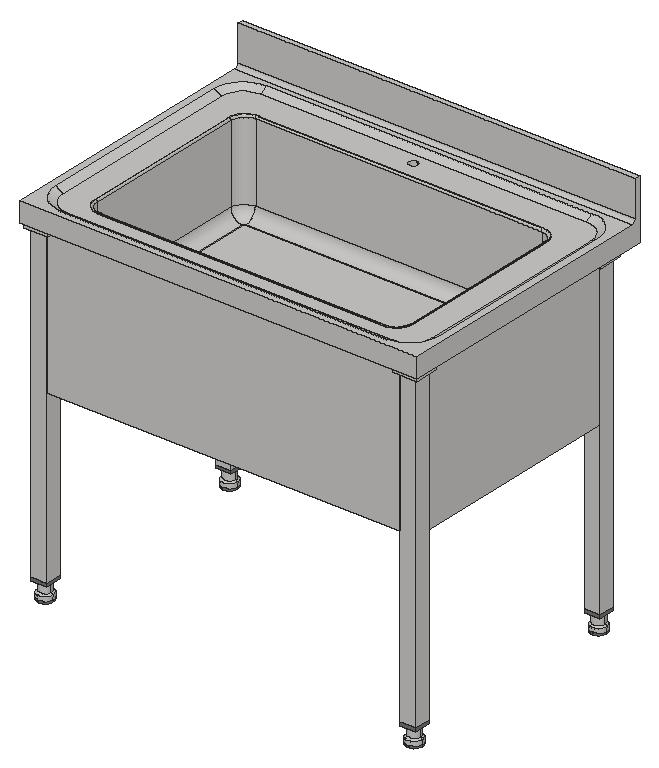
Revit family "QF_ELECTROLUXPROFESSIONAL_132908_SLP10N", category Attrezzature speciali, Revit 2020
Family settings
  Quota connettore circolare = Usa diametro
  Tipo di parte = Normale
  Basato su piano di lavoro = No
  Sempre verticale = Sì
  Taglio con vuoti quando caricato = No
  Condiviso = No
  Punto di calcolo locali = No
Parameters (values of type "Standard")
  Weight = 50.00 kg
  Watts = 0 W
  Volts = 0 V
  URL Manufacturer = "https://www.electroluxprofessional.com/"
  URL = "https://www.electroluxprofessional.com/"
  Steam Supply Size = 0 mm
  Steam Supply Minimum Pressure = 0.0 Pa
  Steam Supply Maximum Pressure = 0.0 Pa
  Steam Consumption per Hour = 0
  Refrigeration Suction Line Size = 0.0 mm
  Refrigeration Liquid Line Size = 0.0 mm
  Refrigerant Compressor Remote = yes
  Prospetto di default = 0.0 mm
  Phase = 0
  Modello = "SLP10N"
  Produttore = "Electrolux Professional"
  Length Actual = 1000.0 mm  # constant formula
  Item Number = "132908"
  Hot Water Size = 0 mm
  Height Actual = 900.0 mm  # constant formula
  HP = "0 HP"
  Gas Size = 0 mm
  Gas KW = 0
  Gas Input Pressure = 0 W
  Direct Waste Size = 139.7 mm
  Descrizione = "SOAKING SINK UNIT WITH 1 BOWL (800X510X340MM), 1000MM"
  Depth Actual = 700.0 mm  # constant formula
  Cycle = 0 Hz
  Condensate Return Size = 0 mm
  Compressed Air Volume = 0.0 L/s
  Compressed Air Size = 0 mm
  Compressed Air Pressure = 0.0 Pa
  Cold Water Size = 0 mm
  Accessory = yes
Reference planes
  plane 1 "Center (Front/Back)": y = 0
  plane 2: z = 0
  plane 3 "Center (Left/Right)": x = 300
  plane 4 "LEFT": x = -200
  plane 5 "RIGHT": x = 800
  plane 6 "BACK": y = 350
  plane 7 "FRONT": y = -350
  plane 8 "Base": z = 850
  plane 9 "TOP": z = 900
  plane 10 "Sink_Base": z = 658
  plane 11 "ScaricoX": x = 620
  plane 12: z = 441
  plane 13: y = 245
  plane 14 "PlaneGrid": z = 890
  plane 15 "ScaricoY": y = 141
Forms (mm)
  Extrusion 1, solid, material "QF_Finishes_Stainless Steel"
    sketch origin (300, 0, 0) x (0, 1, 0) y (0, 0, 1)
      loop
        line (-350, 850) -> (350, 850) -> (350, 1000) -> (337, 1000) -> (337, 910)
        arc (337, 910) -> (334.071, 902.929) -> (327, 900) r 10
        line (327, 900) -> (-350, 900) -> (-350, 850)
    from 500 to -500
  Extrusion 2, void
    sketch origin (0, 9, 658) x (0, -1, 0) y (1, 0, 0)
      loop
        circle (-132, 620) r 28
    from 32.343 to -63.145
  Revolve 3, solid, material "QF_Finishes_White"
    sketch origin (620, 9, 0) x (0, -1, 0) y (0, 0, 1)
      loop
        line (-148.5, 642.617) -> (-148.5, 628.5) -> (-147, 628.5) -> (-147, 643.449) -> (-158.558, 650.671) -> (-158.558, 658) -> (-160.058, 658) -> (-160.058, 649.84) -> (-148.5, 642.617)
      axis (-132, 658) -> (-132, 628.5)
    angle from 0 to 360
  Extrusion 4, void
    sketch origin (-6.5, 18.8, 658) x (0, -1, 0) y (1, 0, 0)
      loop
        circle (-245, 306.5) r 11.5
    from 242 to 170.245
  Extrusion 5, void
    sketch origin (-5, 0, 900) x (0, 1, 0) y (-1, 0, 0)
      loop
        arc (180.949, -705) -> (209.233, -693.284) -> (220.949, -665) r 40
        line (220.949, -665) -> (220.949, 55)
        arc (220.949, 55) -> (209.233, 83.284) -> (180.949, 95) r 40
        line (180.949, 95) -> (-239.051, 95)
        arc (-239.051, 95) -> (-267.335, 83.284) -> (-279.051, 55) r 40
        line (-279.051, 55) -> (-279.051, -665)
        arc (-279.051, -665) -> (-267.335, -693.284) -> (-239.051, -705) r 40
        line (-239.051, -705) -> (180.949, -705)
    from 0 to -50
  Extrusion 6, solid, material "QF_Finishes_Stainless Steel"
    sketch origin (-5, 0, 658) x (0, -1, 0) y (1, 0, 0)
      loop
        line (-185.949, 664.939) -> (-185.949, -54.959)
        arc (-185.949, -54.959) -> (-184.484, -58.494) -> (-180.949, -59.959) r 5
        line (-180.949, -59.959) -> (238.949, -59.959)
        arc (238.949, -59.959) -> (242.484, -58.494) -> (243.949, -54.959) r 5
        line (243.949, -54.959) -> (243.949, 664.939)
        arc (243.949, 664.939) -> (242.484, 668.474) -> (238.949, 669.939) r 5
        line (238.949, 669.939) -> (-180.949, 669.939)
        arc (-180.949, 669.939) -> (-184.484, 668.474) -> (-185.949, 664.939) r 5
    from 0 to 1.5
  Sweep 7, solid, material "QF_Finishes_Stainless Steel"
    path origin (-4.99, 0, 900) x (0, 1, 0) y (-1, 0, 0)
      loop
        line (220.949, -664.99) -> (220.949, 55.01)
        arc (220.949, 55.01) -> (209.233, 83.294) -> (180.949, 95.01) r 40
        line (180.949, 95.01) -> (-239.051, 95.01)
        arc (-239.051, 95.01) -> (-267.335, 83.294) -> (-279.051, 55.01) r 40
        line (-279.051, 55.01) -> (-279.051, -664.99)
        arc (-279.051, -664.99) -> (-267.335, -693.274) -> (-239.051, -704.99) r 40
        line (-239.051, -704.99) -> (180.949, -704.99)
        arc (180.949, -704.99) -> (209.233, -693.274) -> (220.949, -664.99) r 40
    profile origin (300, 220.949, 900) x (0, -1, 0) y (0, 0, 1)
      loop
        arc (5, -15) -> (3.536, -11.464) -> (0, -10) r 5
        line (0, -10) -> (0, -11.5)
        arc (0, -11.5) -> (2.475, -12.525) -> (3.5, -15) r 3.5
        line (3.5, -15) -> (3.5, -210.5)
        arc (3.5, -210.5) -> (12.726, -232.774) -> (35, -242) r 31.5
        line (35, -242) -> (35, -240.5)
        arc (35, -240.5) -> (13.787, -231.713) -> (5, -210.5) r 30
        line (5, -210.5) -> (5, -15)
  Blend 8, void
    base sketch origin (-4.99, 0, 900) x (0, 1, 0) y (-1, 0, 0)
      loop
        arc (312.89, 105.01) -> (291.541, 156.551) -> (240, 177.9) r 72.89
        line (240, 177.9) -> (-260, 177.9)
        arc (-260, 177.9) -> (-311.541, 156.551) -> (-332.89, 105.01) r 72.89
        line (-332.89, 105.01) -> (-332.89, -714.99)
        arc (-332.89, -714.99) -> (-311.541, -766.531) -> (-260, -787.88) r 72.89
        line (-260, -787.88) -> (240, -787.88)
        arc (240, -787.88) -> (291.541, -766.531) -> (312.89, -714.99) r 72.89
        line (312.89, -714.99) -> (312.89, 105.01)
    top sketch origin (-4.99, 0, 900) x (0, 1, 0) y (-1, 0, 0)
      loop
        arc (294.457, 105.01) -> (278.507, 143.517) -> (240, 159.467) r 54.457
        line (240, 159.467) -> (-260, 159.467)
        arc (-260, 159.467) -> (-298.507, 143.517) -> (-314.457, 105.01) r 54.457
        line (-314.457, 105.01) -> (-314.457, -714.99)
        arc (-314.457, -714.99) -> (-298.507, -753.497) -> (-260, -769.447) r 54.457
        line (-260, -769.447) -> (240, -769.447)
        arc (240, -769.447) -> (278.507, -753.497) -> (294.457, -714.99) r 54.457
        line (294.457, -714.99) -> (294.457, 105.01)
    from 0 to -10
Cuts and joins
  Extrusion 4, Extrusion 5, Blend 8 cuts Extrusion 1
  Extrusion 2 cuts Extrusion 6
Lines and regions (mm)
  symbolic lines
    curve 1: line (800, 350, 900) -> (-200, 350, 900)
    curve 2: line (-200, 350, 900) -> (-200, -350, 900)
    curve 3: line (-200, -350, 900) -> (800, -350, 900)
    curve 4: line (800, -350, 900) -> (800, 350, 900)
    curve 5: line (800, 337, 900) -> (-200, 337, 900)
    curve 6: arc (-182.89, 240, 900) -> (-161.541, 291.541, 900) -> (-110, 312.89, 900) r 72.89
    curve 7: line (-110, 312.89, 900) -> (710, 312.89, 900)
    curve 8: line (-182.89, -260, 900) -> (-182.89, 240, 900)
    curve 9: arc (-110, -332.89, 900) -> (-161.541, -311.541, 900) -> (-182.89, -260, 900) r 72.89
    curve 10: line (710, -332.89, 900) -> (-110, -332.89, 900)
    curve 11: line (-110, -314.457, 900) -> (710, -314.457, 900)
    curve 12: arc (-164.457, -260, 900) -> (-148.507, -298.507, 900) -> (-110, -314.457, 900) r 54.457
    curve 13: line (-164.457, 240, 900) -> (-164.457, -260, 900)
    curve 14: arc (-110, 294.457, 900) -> (-148.507, 278.507, 900) -> (-164.457, 240, 900) r 54.457
    curve 15: line (710, 294.457, 900) -> (-110, 294.457, 900)
    curve 16: arc (764.457, 240, 900) -> (748.507, 278.507, 900) -> (710, 294.457, 900) r 54.457
    curve 17: arc (710, 312.89, 900) -> (761.541, 291.541, 900) -> (782.89, 240, 900) r 72.89
    curve 18: line (782.89, 240, 900) -> (782.89, -260, 900)
    curve 19: line (764.457, -260, 900) -> (764.457, 240, 900)
    curve 20: arc (782.89, -260, 900) -> (761.541, -311.541, 900) -> (710, -332.89, 900) r 72.89
    curve 21: arc (710, -314.457, 900) -> (748.507, -298.507, 900) -> (764.457, -260, 900) r 54.457
    curve 22: line (-64.959, 180.949, 900) -> (-64.959, -238.949, 900)
    curve 23: line (659.939, 185.949, 900) -> (-59.959, 185.949, 900)
    curve 24: line (-59.959, -243.949, 900) -> (659.939, -243.949, 900)
    curve 25: line (664.939, -238.949, 900) -> (664.939, 180.949, 900)
    curve 26: arc (-59.959, 185.949, 900) -> (-63.494, 184.484, 900) -> (-64.959, 180.949, 900) r 5
    curve 27: arc (664.939, 180.949, 900) -> (663.474, 184.484, 900) -> (659.939, 185.949, 900) r 5
    curve 28: arc (659.939, -243.949, 900) -> (663.474, -242.484, 900) -> (664.939, -238.949, 900) r 5
    curve 29: arc (-64.959, -238.949, 900) -> (-63.494, -242.484, 900) -> (-59.959, -243.949, 900) r 5
    curve 30: circle (300, 263.8, 900) r 11.5 normal (0, 0, 1)
    curve 31: circle (620, 141, 900) r 28 normal (0, 0, 1)
    curve 32: circle (620, 141, 900) r 16.5 normal (0, 0, -1)
    curve 33: arc (-60, 220.949, 900) -> (-88.284, 209.233, 900) -> (-100, 180.949, 900) r 40
    curve 34: line (660, 220.949, 900) -> (-60, 220.949, 900)
    curve 35: line (-100, 180.949, 900) -> (-100, -239.051, 900)
    curve 36: arc (-100, -239.051, 900) -> (-88.284, -267.335, 900) -> (-60, -279.051, 900) r 40
    curve 37: line (-60, -279.051, 900) -> (660, -279.051, 900)
    curve 38: arc (660, -279.051, 900) -> (688.284, -267.335, 900) -> (700, -239.051, 900) r 40
    curve 39: line (700, -239.051, 900) -> (700, 180.949, 900)
    curve 40: arc (700, 180.949, 900) -> (688.284, 209.233, 900) -> (660, 220.949, 900) r 40
Dimensions and locks
  plane 4 "LEFT" to plane 5 "RIGHT" = 1000.0 mm
  equal spacing: plane 4 "LEFT", plane 3 "Center (Left/Right)", plane 5 "RIGHT"
  locked: plane 8 "Base" to level at 850
  locked: Extrusion 1 to level at 1000
  plane 9 "TOP" to level = 900.0 mm
  plane 6 "BACK" to plane 7 "FRONT" = 700.0 mm
  equal spacing: plane 6 "BACK", plane 1 "Center (Front/Back)", plane 7 "FRONT"
  plane 10 "Sink_Base" to level = 658.0 mm
  plane 12 to level = 441.0 mm
  locked: plane 11 "ScaricoX" to plane 5 "RIGHT" at 180
  locked: plane 6 "BACK" to plane 15 "ScaricoY" at 209
  aligned and locked: level to plane 2
  aligned and locked: Extrusion 1 to plane 4 "LEFT"
  aligned and locked: plane 5 "RIGHT" to Extrusion 1
  aligned and locked: curve 2 to plane 4 "LEFT"
Automatic sketch dimensions
  Extrusion 1 sketch curve to plane 7 "FRONT" = 0.0 mm
  Extrusion 1 sketch curve to plane 9 "TOP" = 0.0 mm
  Extrusion 1 sketch curve to plane 6 "BACK" = 0.0 mm
  Extrusion 1 sketch curve to plane 8 "Base" = 0.0 mm
  plane 9 "TOP" to Extrusion 1 sketch curve = 10.0 mm
  Extrusion 1 sketch curve to plane 6 "BACK" = 23.0 mm
  Extrusion 1 sketch curve to Extrusion 1 sketch curve = 90.0 mm
  Extrusion 2 sketch curve to plane 11 "ScaricoX" = 0.0 mm
  Extrusion 2 sketch curve to plane 15 "ScaricoY" = 0.0 mm
  plane 10 "Sink_Base" to Revolve 3 sketch curve = 0.0 mm
  Revolve 3 sketch curve to plane 15 "ScaricoY" = 0.0 mm
  plane 15 "ScaricoY" to Revolve 3 sketch curve = 15.0 mm
  Revolve 3 sketch curve to Revolve 3 sketch curve = 1.5 mm  (x2)
  plane 10 "Sink_Base" to Revolve 3 sketch curve = 7.329 mm
  Revolve 3 sketch curve to Revolve 3 sketch curve = 10.058 mm
  Revolve 3 sketch curve to Revolve 3 sketch curve = 0.831 mm  (x2)
  Revolve 3 sketch curve to Revolve 3 sketch curve = 7.222 mm
  Revolve 3 sketch curve to Revolve 3 sketch curve = 14.117 mm
  Revolve 3 sketch curve to Revolve 3 sketch curve = 24.0 mm
  Revolve 3 sketch curve to plane 10 "Sink_Base" = 26.5 mm
  Extrusion 4 sketch curve to plane 3 "Center (Left/Right)" = 0.0 mm
  plane 13 to Extrusion 4 sketch curve = 18.8 mm
  Sweep 7 sketch curve to Sweep 7 sketch curve = 0.0 mm  (x4)
  Sweep 7 sketch curve to profile plane = 0.0 mm
  Sweep 7 sketch curve to profile plane = 3.5 mm
  Sweep 7 sketch curve to Sweep 7 sketch curve = 1.5 mm
  Sweep 7 sketch curve to Sweep 7 sketch curve = 30.0 mm
  Sweep 7 sketch curve to profile plane = 242.0 mm
  Sweep 7 sketch curve to profile plane = 15.0 mm
  plane 15 "ScaricoY" to Extrusion 6 sketch curve = 44.949 mm
  Extrusion 6 sketch curve to Extrusion 6 sketch curve = 5.0 mm  (x4)
  plane 7 "FRONT" to Extrusion 6 sketch curve = 111.051 mm
  plane 4 "LEFT" to Extrusion 6 sketch curve = 135.041 mm
  Extrusion 6 sketch curve to plane 5 "RIGHT" = 140.061 mm
  Blend 8 sketch curve to plane 13 = 5.0 mm  (x4)
  Blend 8 sketch curve to plane 6 "BACK" = 37.11 mm
  plane 4 "LEFT" to Blend 8 sketch curve = 90.0 mm  (x2)
  plane 7 "FRONT" to Blend 8 sketch curve = 90.0 mm  (x2)
  Blend 8 sketch curve to Blend 8 sketch curve = 72.89 mm  (x2)
  Blend 8 sketch curve to plane 5 "RIGHT" = 90.0 mm  (x2)
  plane 13 to Blend 8 sketch curve = 49.457 mm
  Blend 8 sketch curve to Blend 8 sketch curve = 54.457 mm  (x2)
  curve 6 to curve 14 = 0.0 mm  (x2)
  curve 9 to curve 12 = 0.0 mm  (x2)
  curve 16 to curve 17 = 0.0 mm  (x2)
  curve 20 to curve 21 = 0.0 mm
  curve 3 to plane 5 "RIGHT" = 0.0 mm
  curve 3 to plane 7 "FRONT" = 0.0 mm
  curve 30 to plane 3 "Center (Left/Right)" = 0.0 mm
  curve 2 to plane 6 "BACK" = 0.0 mm
  plane 7 "FRONT" to curve 10 = 17.11 mm
  curve 10 to curve 11 = 18.433 mm
  plane 4 "LEFT" to curve 13 = 35.543 mm
  curve 12 to curve 13 = 54.457 mm
  curve 18 to plane 5 "RIGHT" = 17.11 mm
  curve 24 to curve 22 = 5.0 mm
  curve 27 to curve 23 = 5.0 mm
  curve 17 to plane 13 = 5.0 mm
  curve 14 to plane 13 = 5.0 mm
  plane 13 to curve 30 = 18.8 mm
  plane 13 to curve 15 = 49.457 mm
  curve 5 to plane 6 "BACK" = 13.0 mm
  plane 7 "FRONT" to Sweep 7 sketch curve = 110.949 mm
  Sweep 7 sketch curve to Sweep 7 sketch curve = 40.0 mm
  plane 15 "ScaricoY" to Sweep 7 sketch curve = 39.949 mm  (x2)
  Sweep 7 sketch curve to plane 13 = 24.051 mm
  Sweep 7 sketch curve to plane 11 "ScaricoX" = 40.0 mm  (x2)
  plane 4 "LEFT" to Sweep 7 sketch curve = 140.0 mm
  plane 7 "FRONT" to Extrusion 5 sketch curve = 70.949 mm
  Extrusion 5 sketch curve to Extrusion 5 sketch curve = 40.0 mm  (x2)
  plane 15 "ScaricoY" to Extrusion 5 sketch curve = 39.949 mm  (x2)
  Extrusion 5 sketch curve to plane 13 = 24.051 mm
  Extrusion 5 sketch curve to plane 11 "ScaricoX" = 40.0 mm
  plane 4 "LEFT" to Extrusion 5 sketch curve = 140.0 mm
  curve 31 to curve 32 = 0.0 mm  (x2)
  curve 32 to plane 11 "ScaricoX" = 0.0 mm
  curve 32 to plane 15 "ScaricoY" = 0.0 mm
  curve 26 to curve 26 = 5.0 mm
  curve 24 to curve 25 = 5.0 mm
  plane 15 "ScaricoY" to curve 27 = 39.949 mm
  curve 25 to plane 11 "ScaricoX" = 44.939 mm
  curve 20 to curve 24 = 16.051 mm
  curve 26 to curve 6 = 50.041 mm
  curve 33 to curve 26 = 0.0 mm
  curve 34 to plane 13 = 24.051 mm
  curve 23 to curve 34 = 0.041 mm
  curve 34 to curve 23 = 0.061 mm
  curve 9 to curve 35 = 20.949 mm
  curve 29 to curve 36 = 0.041 mm
  curve 37 to curve 28 = 0.061 mm
  curve 38 to curve 28 = 0.102 mm
  curve 25 to curve 39 = 0.0 mm
  radius of Extrusion 2 sketch curve = 28.0 mm
  radius of Extrusion 4 sketch curve = 11.5 mm
  radius of curve 30 = 11.5 mm
  radius of curve 31 = 28.0 mm
  radius of curve 32 = 16.5 mm
Nested families
  nested 1: "TAV_W1000_CASSH" at (150, 0, 0), type "TAV_W1000_CASSH"
Connectors
  piping at (620, 141, 628.5), diameter 30
    settings: on Revolve 3, index 1, connector inside diameter 609.6 mm, connector length 0.0 mm, flow factor 0, pipe flow 0.0 L/s, pressure drop 0.0 Pa, fitting loss kfactor 0, connector angle 0.00°, fixture units 0, engagement length 0.0 mm, angle of deflection 0.00°, flow configuration 1, flow direction 2, fitting loss method 0, system type 16, joint type 0, gender type 0, connector reference index -1, connector utility 0, adjustable connector no, is connector primary yes, connector description "Drain 2"
Definition of nested family "TAV_W1000_CASSH"
  Parameters
    Default Elevation = 0.0 mm
    Model = "TAV_W1000_CASSH"
    Manufacturer = "Electrolux Professional"
    Description = ""
  Reference planes
    plane 1 "Center (Front/Back)": y = 0
    plane 2: z = 0
    plane 3 "Center (Left/Right)": x = 150
    plane 4 "LEFT": x = -350
    plane 5 "RIGHT": x = 650
    plane 6 "BACK": y = 350
    plane 7 "FRONT": y = -350
    plane 8 "Base": z = 850
    plane 9 "TOP": z = 900
    plane 10: x = -314.5
    plane 11: x = 614.5
    plane 12: y = 265.5
    plane 13: y = -314.5
    plane 14: x = -294.5
    plane 15: x = 594.5
    plane 16 "RIPIANO": z = 200
  Forms (mm)
    Extrusion 1, solid
      sketch origin (0, 0.5, 850) x (0, 1, 0) y (-1, 0, 0)
        loop
          line (245, 334.5) -> (-295, 334.5) -> (-295, 333) -> (245, 333) -> (245, 334.5)
        loop
          line (-295, -634.5) -> (285, -634.5) -> (285, -633) -> (-295, -633) -> (-295, -634.5)
        loop
          line (-335, 294.5) -> (-335, -594.5) -> (-333.5, -594.5) -> (-333.5, 294.5) -> (-335, 294.5)
      from -10 to -370
    Extrusion 2, solid
      sketch origin (-4.534, 0, 850) x (0, 1, 0) y (-1, 0, 0)
        loop
          line (235.5, 329.966) -> (-284.5, 329.966) -> (-284.5, 289.966) -> (235.5, 289.966) -> (235.5, 329.966)
        loop
          line (-334.506, 279.966) -> (-334.506, -589.034) -> (-294.506, -589.034) -> (-294.506, 279.966) -> (-334.506, 279.966)
        loop
          line (-284.5, -639.034) -> (235.5, -639.034) -> (235.5, -599.034) -> (-284.5, -599.034) -> (-284.5, -639.034)
        loop
          line (285.5, 279.966) -> (245.5, 279.966) -> (245.5, -589.034) -> (285.5, -589.034) -> (285.5, 279.966)
      from 0 to -10
  Lines and regions (mm)
    symbolic lines, detail levels coarse
      curve 1: line (-350, 350, 200) -> (650, 350, 200)
      curve 2: line (-350, -350, 200) -> (-350, 350, 200)
      curve 3: line (650, -350, 200) -> (-350, -350, 200)
      curve 4: line (650, 350, 200) -> (650, -350, 200)
  Dimensions and locks
    plane 4 "LEFT" to plane 5 "RIGHT" = 1000.0 mm
    equal spacing: plane 4 "LEFT", plane 3 "Center (Left/Right)", plane 5 "RIGHT"
    locked: plane 8 "Base" to level at 850
    plane 4 "LEFT" to plane 10 = 35.5 mm
    plane 11 to plane 5 "RIGHT" = 35.5 mm
    plane 10 to plane 11 = 929.0 mm
    plane 9 "TOP" to level = 900.0 mm
    plane 6 "BACK" to plane 12 = 84.5 mm
    plane 13 to plane 7 "FRONT" = 35.5 mm
    plane 6 "BACK" to plane 7 "FRONT" = 700.0 mm
    plane 12 to plane 13 = 580.0 mm
    equal spacing: plane 6 "BACK", plane 1 "Center (Front/Back)", plane 7 "FRONT"
    locked: plane 14 to plane 4 "LEFT" at 55.5
    locked: plane 5 "RIGHT" to plane 15 at 55.5
    plane 16 "RIPIANO" to level = 200.0 mm
    plane 2 to plane 16 "RIPIANO" to plane 8 "Base" = 200.0 mm, 650.0 mm
    aligned and locked: level to plane 2
    aligned and locked: plane 10 to nested 1
    aligned and locked: nested 1 to plane 13
    aligned and locked: plane 11 to nested 2
    aligned and locked: nested 2 to plane 13
    aligned and locked: plane 11 to nested 4
    aligned and locked: nested 4 to plane 12
    aligned and locked: plane 10 to nested 3
    aligned and locked: nested 3 to plane 12
    aligned and locked: plane 14 to Extrusion 1 sketch curve
    aligned and locked: Extrusion 1 sketch curve to plane 15
    aligned and locked: Extrusion 1 to Extrusion 2
  Automatic sketch dimensions
    plane 7 "FRONT" to Extrusion 1 sketch curve = 15.5 mm
    plane 13 to Extrusion 1 sketch curve = 20.0 mm  (x2)
    plane 4 "LEFT" to Extrusion 1 sketch curve = 15.5 mm
    Extrusion 1 sketch curve to plane 5 "RIGHT" = 15.5 mm
    Extrusion 1 sketch curve to Extrusion 1 sketch curve = 1.5 mm  (x3)
    Extrusion 1 sketch curve to plane 6 "BACK" = 104.5 mm
    Extrusion 1 sketch curve to plane 6 "BACK" = 64.5 mm
    plane 15 to Extrusion 2 sketch curve = 10.0 mm  (x2)
    plane 7 "FRONT" to Extrusion 2 sketch curve = 15.494 mm
    plane 13 to Extrusion 2 sketch curve = 19.994 mm
    Extrusion 2 sketch curve to plane 5 "RIGHT" = 15.5 mm
    plane 13 to Extrusion 2 sketch curve = 30.0 mm  (x2)
    Extrusion 2 sketch curve to plane 14 = 0.0 mm
    Extrusion 2 sketch curve to plane 12 = 30.0 mm  (x2)
    Extrusion 2 sketch curve to plane 12 = 20.0 mm
    plane 12 to Extrusion 2 sketch curve = 20.0 mm
    Extrusion 2 sketch curve to plane 15 = 0.0 mm
    Extrusion 2 sketch curve to plane 14 = 10.0 mm  (x2)
    Extrusion 2 sketch curve to plane 10 = 20.0 mm
    curve 3 to plane 4 "LEFT" = 0.0 mm
    curve 3 to plane 7 "FRONT" = 0.0 mm
    curve 2 to plane 6 "BACK" = 0.0 mm
    curve 1 to plane 5 "RIGHT" = 0.0 mm
  Nested families
    nested 1: "FEET_40x40_TAV" at (-314.5, -314.5, 0), type "FEET_40x40_TAV"
    nested 2: "FEET_40x40_TAV" at (614.5, -314.5, 0), type "FEET_40x40_TAV"
    nested 3: "FEET_40x40_TAV" at (-314.5, 265.5, 0), type "FEET_40x40_TAV"
    nested 4: "FEET_40x40_TAV" at (614.5, 265.5, 0), type "FEET_40x40_TAV"
  Definition of nested family "FEET_40x40_TAV"
    Parameters
      Default Elevation = 0.0 mm
      FEET = 850.0 mm
    Reference planes
      plane 1 "Center (Front/Back)": y = 0
      plane 2: z = 0
      plane 3 "Center (Left/Right)": x = 0
      plane 4: z = 850
    Forms (mm)
      Extrusion 1, solid
        sketch origin (0, 0, 0) x (1, 0, 0) y (0, 1, 0)
          loop
            line (-20, -20) -> (20, -20) -> (20, 20) -> (-20, 20) -> (-20, -20)
        from 50 to 840
      Extrusion 2, solid
        sketch origin (0, 0, 0) x (1, 0, 0) y (0, 1, 0)
          loop
            circle (0, 0) r 20
        from 0 to 5
      Extrusion 3, solid
        sketch origin (0, 0, 0) x (1, 0, 0) y (0, 1, 0)
          loop
            line (30, 30) -> (-30, 30) -> (-30, -30) -> (30, -30) -> (30, 30)
        from 840 to 850
      Extrusion 4, solid
        sketch origin (0, 0, 0) x (1, 0, 0) y (0, 1, 0)
          loop
            line (-20, -20) -> (20, -20) -> (20, 20) -> (-20, 20) -> (-20, -20)
        from 50 to 42
      Revolve 5, solid
        sketch origin (0, 0, 0) x (1, 0, 0) y (0, 0, 1)
          loop
            line (0, 42) -> (-15, 42) -> (-15, 20) -> (-20, 15) -> (-20, 5) -> (0, 5) -> (0, 42)
          axis (0, 42) -> (0, 5)
        angle from 0 to 360
    Lines and regions (mm)
      symbolic lines
        curve 1: line (0, -1.503, 0) -> (0, 1.508, 0)
        curve 2: line (1.561, 0, 0) -> (-1.439, 0, 0)
    Dimensions and locks
      "FEET": plane 4 to plane 2
      aligned and locked: level to plane 2
    Automatic sketch dimensions
      plane 1 "Center (Front/Back)" to curve 2 = 0.0 mm
      curve 1 to plane 3 "Center (Left/Right)" = 0.0 mm
      curve 2 to plane 3 "Center (Left/Right)" = 1.439 mm
      plane 3 "Center (Left/Right)" to curve 2 = 1.561 mm
      plane 1 "Center (Front/Back)" to curve 1 = 1.503 mm
      curve 1 to plane 1 "Center (Front/Back)" = 1.508 mm
      Extrusion 1 sketch curve to plane 3 "Center (Left/Right)" = 20.0 mm
      plane 3 "Center (Left/Right)" to Extrusion 1 sketch curve = 20.0 mm
      plane 1 "Center (Front/Back)" to Extrusion 1 sketch curve = 20.0 mm
      Extrusion 1 sketch curve to plane 1 "Center (Front/Back)" = 20.0 mm
      plane 1 "Center (Front/Back)" to Extrusion 2 sketch curve = 0.0 mm
      Extrusion 2 sketch curve to plane 3 "Center (Left/Right)" = 0.0 mm
      Extrusion 3 sketch curve to plane 3 "Center (Left/Right)" = 30.0 mm
      plane 3 "Center (Left/Right)" to Extrusion 3 sketch curve = 30.0 mm
      plane 1 "Center (Front/Back)" to Extrusion 3 sketch curve = 30.0 mm
      Extrusion 3 sketch curve to plane 1 "Center (Front/Back)" = 30.0 mm
      Extrusion 4 sketch curve to plane 3 "Center (Left/Right)" = 20.0 mm
      plane 3 "Center (Left/Right)" to Extrusion 4 sketch curve = 20.0 mm
      plane 1 "Center (Front/Back)" to Extrusion 4 sketch curve = 20.0 mm
      Extrusion 4 sketch curve to plane 1 "Center (Front/Back)" = 20.0 mm
      Revolve 5 sketch curve to plane 3 "Center (Left/Right)" = 0.0 mm  (x2)
      Revolve 5 sketch curve to plane 3 "Center (Left/Right)" = 15.0 mm
      Revolve 5 sketch curve to Revolve 5 sketch curve = 5.0 mm  (x3)
      level to Revolve 5 sketch curve = 5.0 mm
      Revolve 5 sketch curve to Revolve 5 sketch curve = 10.0 mm
      Revolve 5 sketch curve to Revolve 5 sketch curve = 22.0 mm
      Revolve 5 sketch curve to level = 9.561 mm
      radius of Extrusion 2 sketch curve = 20.0 mm
